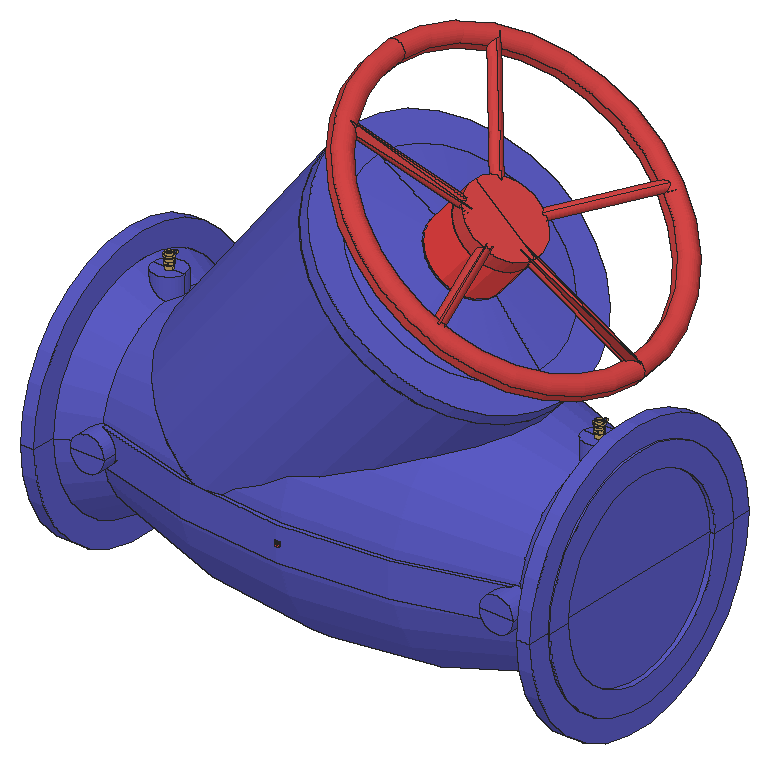
Revit family "HERZ Strömax Балансировочный клапан с измерительными клапанами, шпиндель наклонный 4220 GF PN25", category Rohrzubehör, Revit 2020
Family settings
  Bemaßung runder Anschluss = Durchmesser verwenden
  Teiletyp = Unterbricht
  OmniClass-Nummer = 23.65.55.14
  OmniClass-Titel = Valves for Liquid Services
  Arbeitsebenenbasiert = Nein
  Immer vertikal = Ja
  Beim Laden mit Abzugskörper schneiden = Nein
  Gemeinsam genutzt = Nein
Parameters
  Шпиндель = "нержавеющая сталь"  # constant formula
  Среда = "Допускается использование этилен- и пропиленгликоля в концентрации смеси 25-50% объема.\r\nКачество теплоносителя согласно ÖNORM H 5195 и VDI 2035."
  Область применения = "Для гидравлической балансировки в системах отопления или охлаждения, регулирования и перекрытия трубопроводов, стояков, теплообменников, тепловых и холодильных регистров."
  Номер заказа [instance] = size_lookup("4220_GF_25_", "Artnr", 0, Nennweite)  # 1422089
  Мин. рабочая температура = -10 °C  # constant formula
  Макс. рабочее давление = 2500000.0 Pa  # constant formula
  Макс. рабочая температура = 110 °C  # constant formula
  Корпус = "чугун с шаровидным графитом EN-GJS-400-15"  # constant formula
  Исполнение = "Балансировочный клапан STRÖMAX-GF с измерительными клапанами, DN 350-500, корпус из чугуна с шаровидным графитом GJS 400-15 в соответствии с EN 1561, фланцы в соответствии с EN 1092, PN 16 или PN 25, покрыт синей эмалью.\r\nБукса из чугуна с шаровидным графитом GJS 400-15, с неподнимающимся шпинделем, уплотнение шпинделя с посощью тройных кольцевых уплотнений.\r\nЦифровой лимб указателя настройки."
  Измерение перепада давления = "Балансировочный клапан STRÖMAX GF оборудован двумя измерительными клапанами:\r\nпри использовании соответствующего измерительного прибора можно измерить перепад давления и благодаря этому можно соответственно определить расход."
  Букса = "чугун с шаровидным графитом EN-GJS-400-15"  # constant formula
  Счетное устройство = "пластмасса"  # constant formula
  kvs-значения [instance] = if(Nennweite = 350.00 mm, 2917.6, if(Nennweite = 400.00 mm, 3854.8, if(Nennweite = 500.00 mm, 5250.6, 0)))  # 2917.6
  W02 = 60.00°  # constant formula
  W01 = 50.00°  # constant formula
  Кегель клапана = "чугун с шаровидным графитом EN-GJS-400-15 согласно EN 1561 / EPDM с покрытием"  # constant formula
  Vorgabe-Ansicht = 0.00 mm
  S01 [instance] = Nennweite + 10.00 mm  # 360.00 mm
  Регулирующий шпиндель = "нержавеющая сталь"  # constant formula
  O-Ring = "EPDM"  # constant formula
  L04 [instance] = size_lookup("4220_GF_25_", "L4", 1.00 mm, Nennweite)  # 209.00 mm
  H11 = 85.00 mm  # constant formula
  H10 [instance] = H07 + H03  # 569.50 mm
  H08 = 47.00 mm  # constant formula
  H07 = 50.00 mm  # constant formula
  H06 = 27.00 mm  # constant formula
  H05 [instance] = H04 + 25.00 mm  # 495.00 mm
  H04 [instance] = size_lookup("4220_GF_25_", "H4", 1.00 mm, Nennweite)  # 470.00 mm
  H03 [instance] = size_lookup("4220_GF_25_", "H3", 1.00 mm, Nennweite)  # 519.50 mm
  Вес [instance] = if(Nennweite = 350.00 mm, "560.0 kg", if(Nennweite = 400.00 mm, "611.0 kg", if(Nennweite = 500.00 mm, "1109.0 kg", "0")))  # "560.0 kg"
  URL = "www.herz-armaturen.ru"
  SCRNSEQ = "ARM;ARM_TYP=\"STRV\";2"
  SCRNCODE = "05;07;02"  # constant formula
  R02 [instance] = size_lookup("4220_GF_25_", "R2", 1.00 mm, Nennweite)  # 30.00 mm
  R01 [instance] = size_lookup("4220_GF_25_", "R1", 1.00 mm, Nennweite)  # 32.50 mm
  Nennweite [instance] = 350.00 mm
  L03 [instance] = size_lookup("4220_GF_25_", "L3", 1.00 mm, Nennweite)  # 410.00 mm
  L02 [instance] = size_lookup("4220_GF_25_", "L2", 1.00 mm, Nennweite)  # 390.00 mm
  L01 [instance] = size_lookup("4220_GF_25_", "L1", 1.00 mm, Nennweite)  # 397.50 mm
  L00 [instance] = size_lookup("4220_GF_25_", "L", 1.00 mm, Nennweite)  # 980.00 mm
  Hersteller = "HERZ Armaturen Ges.m.b.H."  # constant formula
  H09 [instance] = H03  # 519.50 mm
  H02 [instance] = size_lookup("4220_GF_25_", "H2", 1.00 mm, Nennweite)  # 215.00 mm
  H01 [instance] = size_lookup("4220_GF_25_", "H1", 1.00 mm, Nennweite)  # 220.00 mm
  GT = 10.00 mm  # constant formula
  FLL02 [instance] = size_lookup("4220_GF_25_", "FLL2", 1.00 mm, Nennweite)  # 26.00 mm
  FLL01 [instance] = size_lookup("4220_GF_25_", "FLL1", 1.00 mm, Nennweite)  # 4.00 mm
  FLD03 [instance] = size_lookup("4220_GF_25_", "FLD3", 1.00 mm, Nennweite)  # 177.80 mm
  FLD02 [instance] = size_lookup("4220_GF_25_", "FLD2", 1.00 mm, Nennweite)  # 214.00 mm
  FLD01 [instance] = size_lookup("4220_GF_25_", "FLD1", 1.00 mm, Nennweite)  # 219.00 mm
  FLD00 [instance] = size_lookup("4220_GF_25_", "FLD", 1.00 mm, Nennweite)  # 260.00 mm
  DN500 [instance] = Nennweite = 500.00 mm  # no
  DN400 [instance] = Nennweite = 400.00 mm  # no
  DN350 [instance] = Nennweite = 350.00 mm  # yes
  D05 = 75.00 mm  # constant formula
  D04 [instance] = size_lookup("4220_GF_25_", "D4", 1.00 mm, Nennweite)  # 58.00 mm
  D03 [instance] = size_lookup("4220_GF_25_", "D3", 1.00 mm, Nennweite)  # 240.00 mm
  D02 [instance] = D03 - 20.00 mm  # 220.00 mm
  D01 [instance] = size_lookup("4220_GF_25_", "D1", 1.00 mm, Nennweite)  # 260.00 mm
  D00 [instance] = size_lookup("4220_GF_25_", "D", 1.00 mm, Nennweite)  # 250.00 mm
  BH02 [instance] = -BH01  # -32.50 mm
  BH01 [instance] = size_lookup("4220_GF_25_", "BH1", 1.00 mm, Nennweite)  # 32.50 mm
  Anschluss [instance] = Nennweite / 2  # 175.00 mm
Reference planes
  plane 1 "Mitte (Vorne/hinten)": y = 0
  plane 2: z = 0
  plane 3 "Mitte (Links/rechts)": x = 0
Forms (mm)
  Revolve 1, solid, material "Herz-Marineblau", detail levels fine
    sketch origin (1058.943, 0, 0) x (1, 0, 0) y (0, 1, 0)
      loop
        line (-1544.943, 260) -> (-1544.943, 219) -> (-1548.943, 219) -> (-1548.943, 175) -> (-1538.943, 175) -> (-1538.943, 0) -> (-578.943, 0) -> (-578.943, 175) -> (-568.943, 175) -> (-568.943, 219) -> (-572.943, 219) -> (-572.943, 260) -> (-598.943, 260) -> (-598.943, 214) -> (-661.443, 177.8)
        arc (-661.443, 177.8) -> (-1058.943, 250) -> (-1456.443, 177.8) r 1130.326
        line (-1456.443, 177.8) -> (-1518.943, 214) -> (-1518.943, 260) -> (-1544.943, 260)
      axis (-1548.943, 0) -> (-568.943, 0)
    angle from 0 to 360
  Revolve 2, solid, material "Herz-Marineblau", detail levels fine
    sketch origin (0, 0, 0) x (1, 0, 0) y (0, 1, 0)
      loop
        line (-390, 220) -> (-422.5, 220) -> (-422.5, -220) -> (-390, -220) -> (-390, 220)
      axis (-390, 220) -> (-390, -220)
    angle from 0 to 360
  Revolve 3, solid, material "Herz-Marineblau", detail levels fine
    sketch origin (0, 0, 0) x (-1, 0, 0) y (0, 1, 0)
      loop
        line (-390, 220) -> (-422.5, 220) -> (-422.5, -220) -> (-390, -220) -> (-390, 220)
      axis (-390, 220) -> (-390, -220)
    angle from 0 to 360
  Revolve 4, solid, material "Herz-Marineblau", detail levels fine
    sketch origin (0, 0, 0) x (1, 0, 0) y (0, 0, 1)
      loop
        line (-410, 0) -> (-410, 215) -> (-440, 215) -> (-440, 0) -> (-410, 0)
      axis (-410, 215) -> (-410, 0)
    angle from 0 to 360
  Revolve 5, solid, material "Herz-Marineblau", detail levels fine
    sketch origin (0, 0, 0) x (-1, 0, 0) y (0, 0, 1)
      loop
        line (-410, 0) -> (-410, 215) -> (-440, 215) -> (-440, 0) -> (-410, 0)
      axis (-410, 215) -> (-410, 0)
    angle from 0 to 360
  Extrusion 6, solid, material "Herz-Marineblau", visible <- "DN500", detail levels fine
    sketch origin (0, 0, 0) x (1, 0, 0) y (0, 1, 0)
      loop
        arc (-475, -263.998) -> (0, -282.994) -> (475, -263.998) r 5948.094
        line (475, -263.998) -> (475, 263.998)
        arc (475, 263.998) -> (0, 282.994) -> (-475, 263.998) r 5948.094
        line (-475, 263.998) -> (-475, -263.998)
    from -32.5 <- "BH02" to 32.5 <- "BH01"
  Extrusion 7, solid, material "Herz-Marineblau", visible <- "DN400", detail levels fine
    sketch origin (0, 0, 0) x (1, 0, 0) y (0, 1, 0)
      loop
        arc (-410, -209.712) -> (0, -223.005) -> (410, -209.712) r 6329.849
        line (410, -209.712) -> (410, 209.712)
        arc (410, 209.712) -> (0, 223.005) -> (-410, 209.712) r 6329.849
        line (-410, 209.712) -> (-410, -209.712)
    from -32.5 <- "BH02" to 32.5 <- "BH01"
  Extrusion 8, solid, material "Herz-Marineblau", visible <- "DN350", detail levels fine
    sketch origin (0, 0, 0) x (1, 0, 0) y (0, 1, 0)
      loop
        arc (-390, -185.916) -> (0, -255.071) -> (390, -185.916) r 1134.286
        line (390, -185.916) -> (390, 185.916)
        arc (390, 185.916) -> (0, 255.071) -> (-390, 185.916) r 1134.286
        line (-390, 185.916) -> (-390, -185.916)
    from -32.5 <- "BH02" to 32.5 <- "BH01"
  Revolve 9, solid, material "Herz-Marineblau", detail levels fine
    sketch origin (0, 0, 0) x (1, 0, 0) y (0, 0, 1)
      loop
        line (-209, 0) -> (124.928, 397.96) -> (-74.243, 565.085) -> (-361.033, 192.188) -> (-361.781, 160.181) -> (-209, 0)
      axis (-209, 0) -> (124.928, 397.96)
    angle from 0 to 360
  Revolve 10, solid, material "Herz-Marineblau", detail levels fine
    sketch origin (0, 0, 0) x (1, 0, 0) y (0, 0, 1)
      loop
        line (124.928, 397.96) -> (157.068, 436.262) -> (99.614, 484.471) -> (97.686, 482.173)
        arc (97.686, 482.173) -> (43.802, 517.303) -> (-12.458, 548.486) r 898.044
        line (-12.458, 548.486) -> (-56.888, 585.768) -> (-74.243, 565.085) -> (124.928, 397.96)
      axis (157.068, 436.262) -> (124.928, 397.96)
    angle from 0 to 360
  Revolve 11, solid, material "Kunsstoff rot", detail levels fine
    sketch origin (0, 0, 0) x (1, 0, 0) y (0, 0, 1)
      loop
        line (157.068, 436.262) -> (211.704, 501.376) -> (154.251, 549.585) -> (99.614, 484.471) -> (157.068, 436.262)
      axis (211.704, 501.376) -> (157.068, 436.262)
    angle from 0 to 360
Lines and regions (mm)
  model lines, detail levels coarse+medium
    curve 1: line (-490, 0, 260) -> (-490, 0, -260)
    curve 2: line (-490, 0, -260) -> (490, 0, 260)
    curve 3: line (490, 0, 260) -> (490, 0, -260)
    curve 4: line (490, 0, -260) -> (-490, 0, 260)
    curve 5: line (0, 0, 0) -> (299.933, 0, 519.5)
    curve 6: line (144.049, 0, 609.5) -> (455.818, 0, 429.5)
    curve 7: line (-490, 260, 0) -> (-490, -260, 0)
    curve 8: line (-490, -260, 0) -> (490, 260, 0)
    curve 9: line (490, 260, 0) -> (490, -260, 0)
    curve 10: line (490, -260, 0) -> (-490, 260, 0)
    curve 11: line (0, 0, 0) -> (299.933, 519.5, 0)
    curve 12: line (144.049, 609.5, 0) -> (455.818, 429.5, 0)
Dimensions and locks
  "FLD00": plane 1 "Mitte (Vorne/hinten)" to Revolve 1 sketch curve
  "FLD01": plane 1 "Mitte (Vorne/hinten)" to Revolve 1 sketch curve
  "FLD02": plane 1 "Mitte (Vorne/hinten)" to Revolve 1 sketch curve  (x2)
  "FLD03": plane 1 "Mitte (Vorne/hinten)" to Revolve 1 sketch curve  (x2)
  "GT": Revolve 1 sketch curve to Revolve 1 sketch curve  (x2)
  "FLL01": Revolve 1 sketch curve to Revolve 1 sketch curve  (x2)
  "FLL02": Revolve 1 sketch curve to Revolve 1 sketch curve  (x2)
  equal spacing: Revolve 1 sketch curve, plane 3 "Mitte (Links/rechts)", Revolve 1 sketch curve
  "Anschluss": Revolve 1 sketch curve to plane 1 "Mitte (Vorne/hinten)"
  "Anschluss": plane 1 "Mitte (Vorne/hinten)" to Revolve 1 sketch curve
  "FLD01": Revolve 1 sketch curve to plane 1 "Mitte (Vorne/hinten)"
  "FLD00": Revolve 1 sketch curve to plane 1 "Mitte (Vorne/hinten)"
  "L00": Revolve 1 sketch curve to Revolve 1 sketch curve
  "D00": plane 1 "Mitte (Vorne/hinten)" to Revolve 1 sketch curve
  "L01": Revolve 1 sketch curve to plane 3 "Mitte (Links/rechts)" to Revolve 1 sketch curve
  "L02": Revolve 2 sketch curve to plane 3 "Mitte (Links/rechts)"
  "R01": Revolve 2 sketch curve to Revolve 2 sketch curve
  "H01": Revolve 2 sketch curve to plane 1 "Mitte (Vorne/hinten)" to Revolve 2 sketch curve
  "L02": plane 3 "Mitte (Links/rechts)" to Revolve 3 sketch curve
  "R01": Revolve 3 sketch curve to Revolve 3 sketch curve
  "H01": Revolve 3 sketch curve to plane 1 "Mitte (Vorne/hinten)" to Revolve 3 sketch curve
  "L03": plane 3 "Mitte (Links/rechts)" to Revolve 4 sketch curve
  "R02": Revolve 4 sketch curve to Revolve 4 sketch curve
  "H02": Revolve 4 sketch curve to plane 2
  "R02": Revolve 5 sketch curve to Revolve 5 sketch curve
  "L03": Revolve 5 sketch curve to plane 3 "Mitte (Links/rechts)"
  "H02": Revolve 5 sketch curve to plane 2
  "L03": plane 3 "Mitte (Links/rechts)" to nested 1
  "L03": nested 2 to plane 3 "Mitte (Links/rechts)"
  "H02": nested 1 to plane 2
  "H02": nested 2 to plane 2
  "FLD00": curve 4 to plane 2 to curve 2
  "FLD00": curve 3 to plane 2 to curve 4
  equal spacing: curve 1, plane 3 "Mitte (Links/rechts)", curve 3
  "L00": curve 1 to curve 3
  "H09": curve 5 to plane 2
  equal spacing: curve 1, curve 5, curve 3
  equal spacing: curve 6, curve 5, curve 6
  "S01": curve 6 to curve 6
  "FLD00": curve 8 to plane 1 "Mitte (Vorne/hinten)" to curve 10
  "FLD00": curve 10 to plane 1 "Mitte (Vorne/hinten)" to curve 9
  equal spacing: curve 7, plane 3 "Mitte (Links/rechts)", curve 9
  "L00": curve 7 to curve 9
  equal spacing: curve 7, curve 11, curve 9
  "H09": plane 1 "Mitte (Vorne/hinten)" to curve 11
  equal spacing: curve 12, curve 11, curve 12
  "S01": curve 12 to curve 12
  "L04": plane 3 "Mitte (Links/rechts)" to Revolve 9 sketch curve  (x2)
  "H03": Revolve 9 sketch curve to Revolve 9 sketch curve
  "D02": Revolve 9 sketch curve to Revolve 9 sketch curve
  "H05": Revolve 9 sketch curve to Revolve 9 sketch curve
  "H04": Revolve 9 sketch curve to Revolve 9 sketch curve
  "D03": Revolve 9 sketch curve to Revolve 9 sketch curve
  "H03": Revolve 10 sketch curve to Revolve 10 sketch curve
  "D01": Revolve 10 sketch curve to Revolve 10 sketch curve  (x2)
  "D04": Revolve 10 sketch curve to Revolve 10 sketch curve
  "D05": Revolve 10 sketch curve to Revolve 10 sketch curve
  "H06": Revolve 9 to Revolve 10 sketch curve
  "H07": Revolve 9 to Revolve 10 sketch curve
  "H08": Revolve 9 to Revolve 10 sketch curve
  "L04": plane 3 "Mitte (Links/rechts)" to Revolve 10 sketch curve
  "D01": Revolve 9 sketch curve to Revolve 9 sketch curve
  "L04": plane 3 "Mitte (Links/rechts)" to Revolve 11 sketch curve
  "H11": Revolve 10 to Revolve 11 sketch curve
  "D05": Revolve 11 sketch curve to Revolve 11 sketch curve  (x2)
  "H10": Revolve 11 sketch curve to Revolve 11 sketch curve
  "W02": angle plane 2 to curve 5
  "W02": angle plane 1 "Mitte (Vorne/hinten)" to curve 11
  "W01": angle plane 2 to Revolve 9 sketch curve  (x2)
  "W01": angle plane 2 to Revolve 10 sketch curve  (x2)
  "W01": angle plane 2 to Revolve 11 sketch curve  (x2)
  aligned and locked: level to plane 2
Automatic sketch dimensions
  Extrusion 6 sketch curve to plane 3 "Mitte (Links/rechts)" = 0.00 mm  (x2)
  plane 1 "Mitte (Vorne/hinten)" to Extrusion 6 sketch curve = 263.998 mm
  Extrusion 6 sketch curve to plane 3 "Mitte (Links/rechts)" = 475.00 mm
  Extrusion 6 sketch curve to Extrusion 6 sketch curve = 5401.102 mm
  Extrusion 6 sketch curve to plane 1 "Mitte (Vorne/hinten)" = 5665.10 mm
  Extrusion 6 sketch curve to plane 1 "Mitte (Vorne/hinten)" = 263.998 mm  (x2)
  Extrusion 7 sketch curve to plane 3 "Mitte (Links/rechts)" = 0.00 mm  (x2)
  plane 1 "Mitte (Vorne/hinten)" to Extrusion 7 sketch curve = 209.712 mm  (x2)
  Extrusion 7 sketch curve to plane 3 "Mitte (Links/rechts)" = 410.00 mm
  Extrusion 7 sketch curve to Extrusion 7 sketch curve = 5897.131 mm
  Extrusion 7 sketch curve to plane 1 "Mitte (Vorne/hinten)" = 6106.844 mm
  Extrusion 7 sketch curve to plane 1 "Mitte (Vorne/hinten)" = 209.712 mm
  Extrusion 8 sketch curve to plane 3 "Mitte (Links/rechts)" = 0.00 mm  (x2)
  plane 1 "Mitte (Vorne/hinten)" to Extrusion 8 sketch curve = 185.916 mm
  Extrusion 8 sketch curve to plane 3 "Mitte (Links/rechts)" = 390.00 mm
  Extrusion 8 sketch curve to Extrusion 8 sketch curve = 693.298 mm
  Extrusion 8 sketch curve to plane 1 "Mitte (Vorne/hinten)" = 879.214 mm
  Extrusion 8 sketch curve to plane 1 "Mitte (Vorne/hinten)" = 185.916 mm  (x2)
  plane 1 "Mitte (Vorne/hinten)" to Revolve 1 sketch curve = 0.00 mm  (x2)
  Revolve 1 sketch curve to Revolve 1 sketch curve = 35.00 mm
  Revolve 1 sketch curve to Revolve 1 sketch curve = 40.00 mm
  Revolve 2 sketch curve to Revolve 2 sketch curve = 0.00 mm  (x3)
  Revolve 3 sketch curve to Revolve 3 sketch curve = 0.00 mm  (x3)
  Revolve 4 sketch curve to level = 0.00 mm  (x2)
  Revolve 4 sketch curve to Revolve 4 sketch curve = 0.00 mm  (x2)
  Revolve 5 sketch curve to level = 0.00 mm  (x2)
  Revolve 5 sketch curve to Revolve 5 sketch curve = 0.00 mm  (x2)
  Revolve 9 sketch curve to level = 0.00 mm  (x2)
  Revolve 10 sketch curve to level = 0.00 mm
  Revolve 10 sketch curve to level = 252.062 mm
  Revolve 11 sketch curve to level = 0.00 mm
Nested families
  nested 1: "Messstutzen_Band_Eintritt_senkrecht_(oben)" at (-410, 0, 206), type "Messstutzen_Band_Eintritt_senkrecht_(oben)", detail levels fine
    with Schutzkappe yes, Nennweite 0.00 mm, Gewicht 0.00 kg, Bestellnummer 0
  nested 2: "Messstutzen_Band_Austritt_senkrecht_(oben)" at (410, 0, 206), type "Messstutzen_Band_Austritt_senkrecht_(oben)", detail levels fine
    with Schutzkappe yes, Nennweite 0.00 mm, Gewicht 0.00 kg, Bestellnummer 0
  nested 3: "Herz-Logo-vorne" at (0, -282.994, 0) x (0, 1, 0) z (0, 0, 1), visible <- "DN500", type "Herz-Logo-vorne", detail levels fine
  nested 4: "Herz-Logo-vorne" at (0, -221.503, 0) x (0, 1, 0) z (0, 0, 1), visible <- "DN400", type "Herz-Logo-vorne", detail levels fine
  nested 5: "Herz-Logo-vorne" at (0, -255.053, 0) x (0, 1, 0) z (0, 0, 1), visible <- "DN350", type "Herz-Logo-vorne", detail levels fine
  nested 6: "Strangregulierventil-Handrad_VOLL-Schräg (Rot) DN350-DN400" at (211.704, 0, 501.376), visible <- "DN350", type "Strangregulierventil-Handrad_VOLL-Schräg (Rot) DN350-DN400"
    with DN300 yes
  nested 7: "Strangregulierventil-Handrad_VOLL-Schräg (Rot) DN350-DN400" at (230.272, 0, 547.339), visible <- "DN400", type "Strangregulierventil-Handrad_VOLL-Schräg (Rot) DN350-DN400"
    with DN300 yes
  nested 8: "Strangregulierventil-Handrad_VOLL-Schräg (Rot) DN500" at (262.637, 0, 616.896), visible <- "DN500", type "Strangregulierventil-Handrad_VOLL-Schräg (Rot) DN500", detail levels fine
    with DN300 yes
Connectors
  piping at (-490, 0, 0), diameter 350, driven by "Nennweite"
    settings: on Revolve 1, index 1, connector inside diameter 609.6 mm, connector length 0.00 mm, flow factor 0, pipe flow 0.0 L/s, pressure drop 0.0 Pa, fitting loss kfactor 0, connector angle 0.00°, fixture units 0, engagement length 0.00 mm, angle of deflection 0.00°, flow configuration 0, flow direction 1, fitting loss method 0, system type 29, joint type 0, gender type 0, connector reference index -1, connector utility 0, adjustable connector no, is connector primary yes, connector description ""
  piping at (490, 0, 0), diameter 350, driven by "Nennweite"
    settings: on Revolve 1, index 2, connector inside diameter 609.6 mm, connector length 0.00 mm, flow factor 0, pipe flow 0.0 L/s, pressure drop 0.0 Pa, fitting loss kfactor 0, connector angle 0.00°, fixture units 0, engagement length 0.00 mm, angle of deflection 0.00°, flow configuration 0, flow direction 2, fitting loss method 0, system type 29, joint type 0, gender type 0, connector reference index -1, connector utility 0, adjustable connector no, is connector primary no, connector description ""
Definition of nested family "Messstutzen_Band_Eintritt_senkrecht_(oben)"
  Parameters (values of type "Messstutzen_Band_Eintritt_senkrecht_(oben)")
    Default Elevation = 0.00 mm
    URL = "www.herz-armaturen.at"
    Schutzkappe [instance] = yes
    Nennweite [instance] = 0.00 mm
    Manufacturer = "Herz Armaturen GmbH"  # constant formula
    Gewicht [instance] = 0.00 kg
    Bestellnummer [instance] = 0
  Reference planes
    plane 1 "Mitte (Vorne/hinten)": y = 0
    plane 2: z = 0
    plane 3 "Mitte (Links/rechts)": x = 0
    plane 4 "Schlaufe 1": z = -27
    plane 5 "Schlaufe 2": z = -31.678
  Forms (mm)
    Revolve 1, solid, detail levels fine
      sketch origin (0, 0, 0) x (1, 0, 0) y (0, 0, 1)
        loop
          line (-7.4, 9) -> (-5.55, 9) -> (-5.55, 6)
          arc (-5.55, 6) -> (-5.626, 5.617) -> (-5.843, 5.293) r 1
          line (-5.843, 5.293) -> (-6.455, 4.681) -> (-6.455, 0.9) -> (-5.555, 0) -> (-2, 0) -> (-2, 17.5) -> (-8.4, 17.5)
          arc (-8.4, 17.5) -> (-7.693, 17.207) -> (-7.4, 16.5) r 1
          line (-7.4, 16.5) -> (-7.4, 9)
        loop
          line (-3.7, 27) -> (-7.3, 27) -> (-7.9, 26.4) -> (-7.9, 23) -> (-2, 23) -> (-2, 35.8) -> (-3.805, 35.8) -> (-4.415, 35.19) -> (-4.415, 30.863) -> (-3.7, 30.45) -> (-3.7, 27)
        axis (0, 0) -> (0, 35.8)
      angle from 0 to 360
    Extrusion 2, solid, detail levels fine
      sketch origin (0, 0, 17.5) x (0, 1, 0) y (-1, 0, 0)
        loop
          arc (-7.07, 5.156) -> (-7.578, 4.375) -> (-8, 3.544) r 8.75
          line (-8, 3.544) -> (-8, -3.544)
          arc (-8, -3.544) -> (-7.578, -4.375) -> (-7.07, -5.156) r 8.75
          line (-7.07, -5.156) -> (-0.93, -8.7)
          arc (-0.93, -8.7) -> (0, -8.75) -> (0.93, -8.7) r 8.75
          line (0.93, -8.7) -> (7.07, -5.156)
          arc (7.07, -5.156) -> (7.578, -4.375) -> (8, -3.544) r 8.75
          line (8, -3.544) -> (8, 3.544)
          arc (8, 3.544) -> (7.578, 4.375) -> (7.07, 5.156) r 8.75
          line (7.07, 5.156) -> (0.93, 8.7)
          arc (0.93, 8.7) -> (0, 8.75) -> (-0.93, 8.7) r 8.75
          line (-0.93, 8.7) -> (-7.07, 5.156)
      from 0 to 5.5
    Revolve 3, solid, visible <- "Schutzkappe", detail levels fine
      sketch origin (0, 0, 0) x (1, 0, 0) y (0, 0, 1)
        loop
          line (0, 35.878) -> (0, 36.678) -> (-7, 36.678) -> (-7, 33.378) -> (-6.1, 33.378) -> (-6.1, 31.678) -> (-6.9, 31.678) -> (-6.9, 30.178) -> (-4.415, 30.178) -> (-4.415, 35.268) -> (-3.805, 35.878) -> (0, 35.878)
        axis (0, 30.178) -> (0, 36.678)
      angle from 0 to 360
    Extrusion 4, solid, detail levels fine
      sketch origin (0, 0, 28.5) x (1, 0, 0) y (0, 1, 0)
        loop
          circle (0, 0) r 3.7
        loop
          arc (-3.906, 5.505) -> (0, -6.75) -> (3.906, 5.505) r 6.75
          arc (3.906, 5.505) -> (2.358, 7.288) -> (1.8, 9.582) r 5
          line (1.8, 9.582) -> (-1.8, 9.582)
          arc (-1.8, 9.582) -> (-2.358, 7.288) -> (-3.906, 5.505) r 5
      from 0 to -1.5
    Extrusion 5, solid, detail levels fine
      sketch origin (0, 0, 33.178) x (1, 0, 0) y (0, 1, 0)
        loop
          circle (0, 0) r 6.1
        loop
          arc (-4.495, 8.652) -> (0, -9.75) -> (4.495, 8.652) r 9.75
          arc (4.495, 8.652) -> (2.527, 10.493) -> (1.8, 13.089) r 5
          line (1.8, 13.089) -> (-1.8, 13.089)
          arc (-1.8, 13.089) -> (-2.527, 10.493) -> (-4.495, 8.652) r 5
      from 0 to -1.5
    Sweep 6, solid, detail levels fine
      path origin (0, 0, 0) x (0, 0, -1) y (0, -1, 0)
        loop
          line (-27.75, -9.582) -> (-27.75, -14.522)
          arc (-27.75, -14.522) -> (-30.089, -16.862) -> (-32.428, -14.522) r 2.339
          line (-32.428, -14.522) -> (-32.428, -13.089)
      profile origin (0, 12.052, 27.75) x (0, 0, 1) y (1, 0, 0)
        loop
          line (-0.75, -1.8) -> (0.75, -1.8) -> (0.75, 1.8) -> (-0.75, 1.8) -> (-0.75, -1.8)
  Dimensions and locks
    aligned and locked: level to plane 2
Definition of nested family "Messstutzen_Band_Austritt_senkrecht_(oben)"
  Parameters (values of type "Messstutzen_Band_Austritt_senkrecht_(oben)")
    Default Elevation = 0.00 mm
    URL = "www.herz-armaturen.at"
    Schutzkappe [instance] = yes
    Nennweite [instance] = 0.00 mm
    Manufacturer = "Herz Armaturen GmbH"  # constant formula
    Gewicht [instance] = 0.00 kg
    Bestellnummer [instance] = 0
  Reference planes
    plane 1 "Mitte (Vorne/hinten)": y = 0
    plane 2: z = 0
    plane 3 "Mitte (Links/rechts)": x = 0
    plane 4 "Schlaufe 1": z = -27
    plane 5 "Schlaufe 2": z = -31.678
  Forms (mm)
    Revolve 1, solid, detail levels fine
      sketch origin (0, 0, 0) x (1, 0, 0) y (0, 0, 1)
        loop
          line (-7.4, 9) -> (-5.55, 9) -> (-5.55, 6)
          arc (-5.55, 6) -> (-5.626, 5.617) -> (-5.843, 5.293) r 1
          line (-5.843, 5.293) -> (-6.455, 4.681) -> (-6.455, 0.9) -> (-5.555, 0) -> (-2, 0) -> (-2, 17.5) -> (-8.4, 17.5)
          arc (-8.4, 17.5) -> (-7.693, 17.207) -> (-7.4, 16.5) r 1
          line (-7.4, 16.5) -> (-7.4, 9)
        loop
          line (-3.7, 27) -> (-7.3, 27) -> (-7.9, 26.4) -> (-7.9, 23) -> (-2, 23) -> (-2, 35.8) -> (-3.805, 35.8) -> (-4.415, 35.19) -> (-4.415, 30.863) -> (-3.7, 30.45) -> (-3.7, 27)
        axis (0, 0) -> (0, 35.8)
      angle from 0 to 360
    Extrusion 2, solid, detail levels fine
      sketch origin (0, 0, 17.5) x (0, 1, 0) y (-1, 0, 0)
        loop
          arc (-7.07, 5.156) -> (-7.578, 4.375) -> (-8, 3.544) r 8.75
          line (-8, 3.544) -> (-8, -3.544)
          arc (-8, -3.544) -> (-7.578, -4.375) -> (-7.07, -5.156) r 8.75
          line (-7.07, -5.156) -> (-0.93, -8.7)
          arc (-0.93, -8.7) -> (0, -8.75) -> (0.93, -8.7) r 8.75
          line (0.93, -8.7) -> (7.07, -5.156)
          arc (7.07, -5.156) -> (7.578, -4.375) -> (8, -3.544) r 8.75
          line (8, -3.544) -> (8, 3.544)
          arc (8, 3.544) -> (7.578, 4.375) -> (7.07, 5.156) r 8.75
          line (7.07, 5.156) -> (0.93, 8.7)
          arc (0.93, 8.7) -> (0, 8.75) -> (-0.93, 8.7) r 8.75
          line (-0.93, 8.7) -> (-7.07, 5.156)
      from 0 to 5.5
    Revolve 3, solid, visible <- "Schutzkappe", detail levels fine
      sketch origin (0, 0, 0) x (1, 0, 0) y (0, 0, 1)
        loop
          line (0, 35.878) -> (0, 36.678) -> (-7, 36.678) -> (-7, 33.378) -> (-6.1, 33.378) -> (-6.1, 31.678) -> (-6.9, 31.678) -> (-6.9, 30.178) -> (-4.415, 30.178) -> (-4.415, 35.268) -> (-3.805, 35.878) -> (0, 35.878)
        axis (0, 30.178) -> (0, 36.678)
      angle from 0 to 360
    Extrusion 4, solid, detail levels fine
      sketch origin (0, 0, 28.5) x (1, 0, 0) y (0, 1, 0)
        loop
          circle (0, 0) r 3.7
        loop
          arc (-3.906, 5.505) -> (0, -6.75) -> (3.906, 5.505) r 6.75
          arc (3.906, 5.505) -> (2.358, 7.288) -> (1.8, 9.582) r 5
          line (1.8, 9.582) -> (-1.8, 9.582)
          arc (-1.8, 9.582) -> (-2.358, 7.288) -> (-3.906, 5.505) r 5
      from 0 to -1.5
    Extrusion 5, solid, detail levels fine
      sketch origin (0, 0, 33.178) x (1, 0, 0) y (0, 1, 0)
        loop
          circle (0, 0) r 6.1
        loop
          arc (-4.495, 8.652) -> (0, -9.75) -> (4.495, 8.652) r 9.75
          arc (4.495, 8.652) -> (2.527, 10.493) -> (1.8, 13.089) r 5
          line (1.8, 13.089) -> (-1.8, 13.089)
          arc (-1.8, 13.089) -> (-2.527, 10.493) -> (-4.495, 8.652) r 5
      from 0 to -1.5
    Sweep 6, solid, detail levels fine
      path origin (0, 0, 0) x (0, 0, -1) y (0, -1, 0)
        loop
          line (-27.75, -9.582) -> (-27.75, -14.522)
          arc (-27.75, -14.522) -> (-30.089, -16.862) -> (-32.428, -14.522) r 2.339
          line (-32.428, -14.522) -> (-32.428, -13.089)
      profile origin (0, 12.052, 27.75) x (0, 0, 1) y (1, 0, 0)
        loop
          line (-0.75, -1.8) -> (0.75, -1.8) -> (0.75, 1.8) -> (-0.75, 1.8) -> (-0.75, -1.8)
  Dimensions and locks
    aligned and locked: level to plane 2
Definition of nested family "Herz-Logo-vorne"
  Parameters (values of type "Herz-Logo-vorne")
    Default Elevation = 0.00 mm
  Reference planes
    plane 1 "Mitte (Vorne/hinten)": y = 0
    plane 2: z = 0
    plane 3 "Mitte (Links/rechts)": x = 0
  Forms (mm)
    Extrusion 1, solid
      sketch origin (0.732, -0.018, 0.017) x (0, -1, 0) y (0, 0, 1)
        loop
          line (-0.018, -4.517) -> (4.482, -4.517) -> (4.482, 4.483) -> (-4.518, 4.483) -> (-4.518, -4.517) -> (-0.018, -4.517)
        loop
          line (-0.05, -3.48) -> (3.482, -3.48) -> (3.482, 3.483) -> (-3.518, 3.483) -> (-3.518, -3.48) -> (-0.05, -3.48)
        loop
          arc (-0.018, 2.383) -> (-1.543, 3.287) -> (-3.067, 2.383) r 1.738
          arc (-3.067, 2.383) -> (-3.191, 1.899) -> (-3.067, 1.415) r 1.009
          line (-3.067, 1.415) -> (-0.018, -3.281) -> (3.032, 1.415)
          arc (3.032, 1.415) -> (3.156, 1.899) -> (3.032, 2.383) r 1.009
          arc (3.032, 2.383) -> (1.507, 3.287) -> (-0.018, 2.383) r 1.738
        loop
          arc (1.885, 1.272) -> (2.005, 1.675) -> (1.885, 2.079) r 0.74
          arc (1.885, 2.079) -> (1.265, 2.416) -> (0.644, 2.079) r 0.74
          line (0.644, 2.079) -> (-0.018, 0.97) -> (-0.679, 2.079)
          arc (-0.679, 2.079) -> (-1.3, 2.416) -> (-1.921, 2.079) r 0.74
          arc (-1.921, 2.079) -> (-2.04, 1.675) -> (-1.921, 1.272) r 0.74
          line (-1.921, 1.272) -> (-0.018, -1.658) -> (1.885, 1.272)
      from 0 to 1.5
  Dimensions and locks
    aligned and locked: level to plane 2
Definition of nested family "Strangregulierventil-Handrad_VOLL-Schräg (Rot) DN350-DN400"
  Parameters (values of type "Strangregulierventil-Handrad_VOLL-Schräg (Rot) DN350-DN400")
    Default Elevation = 0.00 mm
    DN300 [instance] = yes
  Reference planes
    plane 1 "Mitte (Vorne/hinten)": y = 0
    plane 2: z = 0
    plane 3 "Mitte (Links/rechts)": x = 0
  Forms (mm)
    Revolve 1, solid, detail levels fine
      sketch origin (0, 0, 0) x (0.766044, 0, -0.642788) y (0.642788, 0, 0.766044)
        loop
          line (0, 0) -> (0, 30) -> (-75, 30) -> (-75, 0) -> (0, 0)
        loop
          line (-316.85, 58.85) -> (-316.85, 42.85) -> (-280.85, 42.85) -> (-280.85, 58.85)
          arc (-280.85, 58.85) -> (-298.85, 76.85) -> (-316.85, 58.85) r 18
        axis (0, 58.85) -> (0, 0)
      angle from 0 to 360
    Revolve 2, solid, detail levels fine
      sketch origin (0, 0, 0) x (0.766044, 0, -0.642788) y (0.642788, 0, 0.766044)
        loop
          line (299.245, 74.817) -> (49.107, 26.195) -> (50.831, 16.343) -> (301.153, 65.001) -> (299.245, 74.817)
        axis (50.832, 16.338) -> (301.154, 64.996)
      angle from 0 to 360
    Revolve 3, solid, detail levels fine
      sketch origin (0, 0, 0) x (0.236721, 0.951057, -0.198632) y (0.642788, 0, 0.766044)
        loop
          line (299.245, 74.817) -> (49.107, 26.195) -> (50.831, 16.343) -> (301.153, 65.001) -> (299.245, 74.817)
        axis (50.832, 16.338) -> (301.154, 64.996)
      angle from 0 to 360
    Revolve 4, solid, detail levels fine
      sketch origin (0, 0, 0) x (-0.619743, 0.587785, 0.520026) y (0.642788, 0, 0.766044)
        loop
          line (299.245, 74.817) -> (49.107, 26.195) -> (50.831, 16.343) -> (301.153, 65.001) -> (299.245, 74.817)
        axis (50.832, 16.338) -> (301.154, 64.996)
      angle from 0 to 360
    Revolve 5, solid, detail levels fine
      sketch origin (0, 0, 0) x (-0.619743, -0.587785, 0.520026) y (0.642788, 0, 0.766044)
        loop
          line (299.245, 74.817) -> (49.107, 26.195) -> (50.831, 16.343) -> (301.153, 65.001) -> (299.245, 74.817)
        axis (50.832, 16.338) -> (301.154, 64.996)
      angle from 0 to 360
    Revolve 6, solid, detail levels fine
      sketch origin (0, 0, 0) x (0.236721, -0.951057, -0.198632) y (0.642788, 0, 0.766044)
        loop
          line (299.245, 74.817) -> (49.107, 26.195) -> (50.831, 16.343) -> (301.153, 65.001) -> (299.245, 74.817)
        axis (50.832, 16.338) -> (301.154, 64.996)
      angle from 0 to 360
  Dimensions and locks
    Revolve 1 sketch curve to plane 2 = 255.179 mm
    Revolve 1 sketch curve to Revolve 1 sketch curve = 30.00 mm
    aligned and locked: level to plane 2
Definition of nested family "Strangregulierventil-Handrad_VOLL-Schräg (Rot) DN500"
  Parameters (values of type "Strangregulierventil-Handrad_VOLL-Schräg (Rot) DN500")
    Default Elevation = 0.00 mm
    DN300 [instance] = yes
  Reference planes
    plane 1 "Mitte (Vorne/hinten)": y = 0
    plane 2: z = 0
    plane 3 "Mitte (Links/rechts)": x = 0
  Forms (mm)
    Revolve 1, solid, detail levels fine
      sketch origin (0, 0, 0) x (0.766044, 0, -0.642788) y (0.642788, 0, 0.766044)
        loop
          line (0, 0) -> (0, 30) -> (-75, 30) -> (-75, 0) -> (0, 0)
        loop
          circle (-400, 94.75) r 16.85
        axis (0, 94.75) -> (0, 0)
      angle from 0 to 360
    Revolve 2, solid, detail levels fine
      sketch origin (0, 0, 0) x (0.766044, 0, -0.642788) y (0.642788, 0, 0.766044)
        loop
          line (400.44, 94.852) -> (397.067, 109.46) -> (48.97, 25.68) -> (51.251, 14.235) -> (400.44, 94.852)
        axis (51.251, 14.235) -> (400.44, 94.852)
      angle from 0 to 360
    Revolve 3, solid, detail levels fine
      sketch origin (0, 0, 0) x (0.383022, 0.866025, -0.321394) y (0.642788, 0, 0.766044)
        loop
          line (400.44, 94.852) -> (397.067, 109.46) -> (48.97, 25.68) -> (51.251, 14.235) -> (400.44, 94.852)
        axis (51.251, 14.235) -> (400.44, 94.852)
      angle from 0 to 360
    Revolve 4, solid, detail levels fine
      sketch origin (0, 0, 0) x (-0.383022, 0.866025, 0.321394) y (0.642788, 0, 0.766044)
        loop
          line (400.44, 94.852) -> (397.067, 109.46) -> (48.97, 25.68) -> (51.251, 14.235) -> (400.44, 94.852)
        axis (51.251, 14.235) -> (400.44, 94.852)
      angle from 0 to 360
    Revolve 5, solid, detail levels fine
      sketch origin (0, 0, 0) x (-0.766044, 0, 0.642788) y (0.642788, 0, 0.766044)
        loop
          line (400.44, 94.852) -> (397.067, 109.46) -> (48.97, 25.68) -> (51.251, 14.235) -> (400.44, 94.852)
        axis (51.251, 14.235) -> (400.44, 94.852)
      angle from 0 to 360
    Revolve 6, solid, detail levels fine
      sketch origin (0, 0, 0) x (-0.383022, -0.866025, 0.321394) y (0.642788, 0, 0.766044)
        loop
          line (400.44, 94.852) -> (397.067, 109.46) -> (48.97, 25.68) -> (51.251, 14.235) -> (400.44, 94.852)
        axis (51.251, 14.235) -> (400.44, 94.852)
      angle from 0 to 360
    Revolve 7, solid, detail levels fine
      sketch origin (0, 0, 0) x (0.383022, -0.866025, -0.321394) y (0.642788, 0, 0.766044)
        loop
          line (400.44, 94.852) -> (397.067, 109.46) -> (48.97, 25.68) -> (51.251, 14.235) -> (400.44, 94.852)
        axis (51.251, 14.235) -> (400.44, 94.852)
      angle from 0 to 360
  Dimensions and locks
    Revolve 1 sketch curve to Revolve 1 sketch curve = 30.00 mm
    Revolve 1 sketch curve to Revolve 1 sketch curve = 416.85 mm
    Revolve 1 sketch curve to level = 346.548 mm
    Revolve 1 sketch curve to Revolve 1 sketch curve = 75.00 mm
    aligned and locked: level to plane 2
